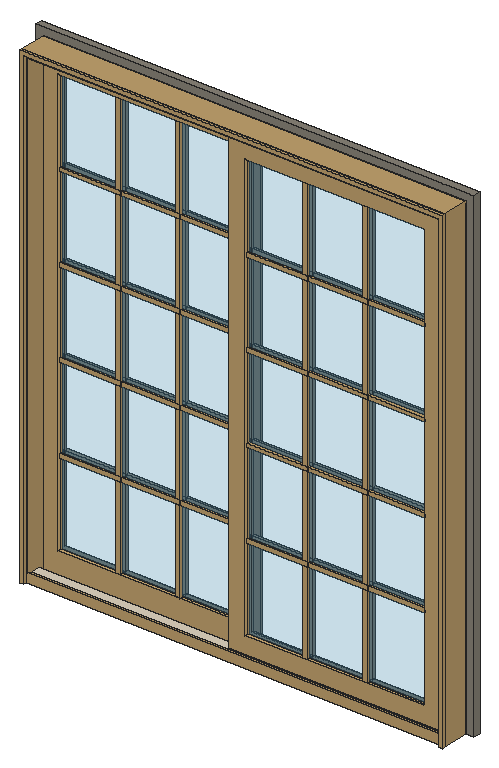
Revit family (continued)
Definition of nested family "Door_Section_Detail"
  Definition of nested family "Sill_Detail"
    Lines and regions (in)
      detail lines, style "Cut Lines", in view "Ref. Level"
        curve 47: line (-0.74809, 2.5192, 0) -> (-0.85309, 2.5192, 0)
        curve 48: line (-0.61209, 2.3842, 0) -> (-0.96909, 2.3842, 0)
        curve 49: line (-1.09375, 0.45188, 0) -> (1.47371, 0.72172, 0)
        curve 50: line (4.5625, 1.61602, 0) -> (2.43933, 1.61602, 0)
        curve 51: line (2.43933, 1.04253, 0) -> (2.43933, 1.61602, 0)
        curve 52: line (1.47371, 1.04253, 0) -> (2.43933, 1.04253, 0)
        curve 53: line (2.30162, 1.34621, 0) -> (2.30162, 1.81919, 0)
        curve 54: line (2.2196, 1.34621, 0) -> (2.30162, 1.34621, 0)
        curve 55: line (-0.82683, 0.63436, 0) -> (-0.82683, 0.47993, 0)
        curve 56: line (-0.58683, 0.63436, 0) -> (-0.58683, 0.50516, 0)
  Definition of nested family "Head_Detail"
    Parameters (values of type "Jamb_Detail")
      Flange Visibility = no
      Assembly Code = ""
    Reference planes (in)
      plane 1 "Center (Front/Back)": y = 0
      plane 2: z = 0
      plane 3 "Center (Left/Right)": x = 0
    Lines and regions (in)
      detail lines, style "Cut Lines", in view "Ref. Level"
        curve 1: line (-1.09375, 0, 0) -> (4.5625, 0, 0)
        curve 2: line (4.5625, 0, 0) -> (4.5625, -2.06854, 0)
        curve 3: line (-0.31923, -1.06374, 0) -> (4.03177, -1.06374, 0)
        curve 4: line (-1.09375, -0.67848, 0) -> (-1.15509, -0.67848, 0)
        curve 5: line (-1.09375, -0.67848, 0) -> (-1.09375, 0, 0)
        curve 11: line (-0.44909, -2.49827, 0) -> (-0.44909, -4.24811, 0)
        curve 12: line (-0.96909, -3.08011, 0) -> (-0.96909, -2.49827, 0)
        curve 13: line (-0.96909, -2.49827, 0) -> (-0.50105, -2.49827, 0)
        curve 14: line (-1.28109, -4.09217, 0) -> (-1.28109, -3.34011, 0)
        curve 15: line (-0.44909, -4.24811, 0) -> (-0.57209, -4.24811, 0)
        curve 16: line (-1.28109, -3.34011, 0) -> (-0.96909, -3.08011, 0)
        curve 17: line (-0.96909, -4.09217, 0) -> (-1.28109, -4.09217, 0)
        curve 18: line (-0.96909, -4.09217, 0) -> (-0.96909, -4.24811, 0)
        curve 19: line (-0.57209, -4.49311, 0) -> (-0.85309, -4.49311, 0)
        curve 20: line (-0.74809, -4.45311, 0) -> (-0.61209, -4.45311, 0)
        curve 21: line (-0.57209, -4.24811, 0) -> (-0.57209, -4.49311, 0)
        curve 22: line (-0.61209, -4.45311, 0) -> (-0.61209, -4.24811, 0)
        curve 23: line (-0.85309, -4.49311, 0) -> (-0.85309, -4.38311, 0)
        curve 24: line (-0.74809, -4.38311, 0) -> (-0.74809, -4.45311, 0)
        curve 25: line (-0.74809, -4.38311, 0) -> (-0.85309, -4.38311, 0)
        curve 26: line (-0.61209, -4.24811, 0) -> (-0.96909, -4.24811, 0)
        curve 27: line (3.9696, -1.18804, 0) -> (2.2196, -1.18804, 0)
        curve 28: line (3.9696, -3.99041, 0) -> (3.9696, -1.18804, 0)
        curve 29: line (2.2196, -1.18804, 0) -> (2.2196, -3.97946, 0)
        curve 30: line (3.62818, -4.1875, 0) -> (3.9696, -3.99041, 0)
        curve 31: line (3.48221, -4.1875, 0) -> (3.62818, -4.1875, 0)
        curve 32: line (2.2196, -3.97946, 0) -> (2.39187, -3.97946, 0)
        curve 33: line (2.6571, -4.1875, 0) -> (2.59991, -4.1875, 0)
        curve 34: line (2.6571, -3.46266, 0) -> (3.48221, -3.46266, 0)
        curve 35: line (2.6571, -4.1875, 0) -> (2.6571, -3.46266, 0)
        curve 36: line (3.48221, -3.46266, 0) -> (3.48221, -4.1875, 0)
        curve 37: line (2.39187, -3.97946, 0) -> (2.59991, -4.1875, 0)
        curve 38: line (2.70101, -3.52525, 0) -> (2.82601, -3.52525, 0)
        curve 39: line (3.32601, -3.65025, 0) -> (2.82601, -3.65025, 0)
        curve 40: line (3.32601, -3.90025, 0) -> (2.82601, -3.90025, 0)
        curve 41: line (3.32601, -3.52525, 0) -> (3.45101, -3.52525, 0)
        curve 42: line (1.47371, -1.18804, 0) -> (-0.27629, -1.18804, 0)
        curve 43: line (1.47371, -3.99041, 0) -> (1.47371, -1.06374, 0)
        curve 44: line (-0.27629, -1.18804, 0) -> (-0.27629, -3.97946, 0)
        curve 45: line (1.13229, -4.1875, 0) -> (1.47371, -3.99041, 0)
        curve 46: line (0.98632, -4.1875, 0) -> (1.13229, -4.1875, 0)
        curve 47: line (-0.27629, -3.97946, 0) -> (-0.10402, -3.97946, 0)
        curve 48: line (0.16121, -4.1875, 0) -> (0.10402, -4.1875, 0)
        curve 49: line (0.16121, -3.46266, 0) -> (0.98632, -3.46266, 0)
        curve 50: line (0.16121, -4.1875, 0) -> (0.16121, -3.46266, 0)
        curve 51: line (0.98632, -3.46266, 0) -> (0.98632, -4.1875, 0)
        curve 52: line (-0.10402, -3.97946, 0) -> (0.10402, -4.1875, 0)
        curve 53: line (0.20512, -3.52525, 0) -> (0.33012, -3.52525, 0)
        curve 54: line (0.83012, -3.65025, 0) -> (0.33012, -3.65025, 0)
        curve 55: line (0.83012, -3.90025, 0) -> (0.33012, -3.90025, 0)
        curve 56: line (0.83012, -3.52525, 0) -> (0.95512, -3.52525, 0)
        curve 57: line (4.03177, -1.06374, 0) -> (4.03177, -2.06854, 0)
        curve 58: line (4.03177, -2.06854, 0) -> (4.5625, -2.06854, 0)
        curve 59: line (2.18774, -1.75054, 0) -> (1.47371, -1.75054, 0)
        curve 60: line (-1.15509, -2.24927, 0) -> (-1.15509, -0.67848, 0)
        curve 61: line (-0.81009, -2.24927, 0) -> (-1.15509, -2.24927, 0)
        curve 62: line (-1.10509, -1.10227, 0) -> (-0.81009, -1.10227, 0)
        curve 63: line (-1.10509, -0.73627, 0) -> (-1.10509, -1.10227, 0)
        curve 64: line (-0.48993, -0.73627, 0) -> (-1.10509, -0.73627, 0)
        curve 65: line (-0.81009, -1.10227, 0) -> (-0.81009, -2.24927, 0)
        curve 66: line (-0.68009, -2.18816, 0) -> (-0.50105, -2.49827, 0)
        curve 67: line (-0.45739, -2.48388, 0) -> (-0.63509, -2.17611, 0)
        curve 68: line (-0.63509, -2.17611, 0) -> (-0.63509, -1.18527, 0)
        curve 69: line (-0.81009, -1.49777, 0) -> (-0.68009, -1.49777, 0)
        curve 70: line (-0.81009, -1.87277, 0) -> (-0.68009, -1.87277, 0)
        curve 71: line (-0.75509, -1.18527, 0) -> (-0.75509, -1.49777, 0)
        curve 72: line (-0.63509, -1.18527, 0) -> (-0.75509, -1.18527, 0)
        curve 73: line (-0.68009, -1.49777, 0) -> (-0.68009, -2.18816, 0)
        curve 74: line (-0.31923, -1.06374, 0) -> (-0.48993, -0.73627, 0)
        curve 75: line (2.18774, -1.06304, 0) -> (2.18774, -1.75054, 0)
      detail lines, style "Cut Lines", in view "Ref. Level", visible <- "Flange Visibility"
        curve 6: line (-0.045, 0, 0) -> (-0.045, 1.49897, 0)
        curve 7: line (0, 0.155, 0) -> (0, 1.49897, 0)
        curve 8: line (0, 0.155, 0) -> (0.11, 0.155, 0)
        curve 9: line (0.11, 0, 0) -> (0.11, 0.155, 0)
        curve 10: line (0, 1.49897, 0) -> (-0.045, 1.49897, 0)
  Definition of nested family "BMC_Detail"
    Parameters (values of type "BMC_Detail")
      Assembly Code = ""
    Reference planes (in)
      plane 1 "Center (Front/Back)": y = 0
      plane 2: z = 0
      plane 3 "Center (Left/Right)": x = 0
    Lines and regions (in)
      detail lines, style "Cut Lines", in view "Ref. Level"
        curve 1: line (-1.25, 0.71589, 0) -> (-1.25, 1.3125, 0)
        curve 2: line (-1.25, 1.3125, 0) -> (0, 1.3125, 0)
        curve 3: line (0, 0, 0) -> (-1.09375, 0, 0)
        curve 4: line (-1.09375, 0, 0) -> (-1.09375, 0.38081, 0)
        curve 5: line (-1.09375, 0.38081, 0) -> (-1.25, 0.71589, 0)
        curve 6: line (0, 0, 0) -> (0, 1.3125, 0)
  Definition of nested family "Flat_Casing_Detail"
    Parameters (values of type "Flat_Casing_Detail")
      Assembly Code = ""
    Reference planes (in)
      plane 1 "Center (Front/Back)": y = 0
      plane 2: z = 0
      plane 3 "Center (Left/Right)": x = 0
    Lines and regions (in)
      detail lines, style "Cut Lines", in view "Ref. Level"
        curve 1: line (-1.09375, 3, 0) -> (0, 3, 0)
        curve 2: line (0, 0, 0) -> (-1.09375, 0, 0)
        curve 3: line (-1.09375, 0, 0) -> (-1.09375, 3, 0)
        curve 4: line (0, 0, 0) -> (0, 3, 0)
Definition of nested family "Label Annotation 1-16 w5"
  Parameters
    Label = ""
    Egress Info = "EGRESS WDW"
    Description = "3664 FIXED"
  Reference planes (in)
    plane 1: y = 0
    plane 2: x = 0
  Text (in)
    label "Description" at (0.00375, -0.00345, 0), shows "Description"
Definition of nested family "Door_Plan_Detail"
  Parameters (values of type "Door_Plan_Detail")
    Width = 6' - 0 5/8"
    Flat Casing Visibility = no
    Casing Visibility = yes
    BMC Visibility = yes
    Assembly Code = ""
  Reference planes (in)
    plane 1 "Center (Front/Back)": y = 0
    plane 2: z = 0
    plane 3 "Center (Left/Right)": x = 0
    plane 4: x = -36.3125
    plane 5: x = 36.3125
  Lines and regions (in)
    detail lines, style "Cut Lines", in view "Ref. Level"
      curve 1: line (-33.09975, -0.20079, 0) -> (-1.35338, -0.20079, 0)
      curve 2: line (-33.09975, -0.32579, 0) -> (-1.35338, -0.32579, 0)
      curve 3: line (-33.09975, -0.82579, 0) -> (-1.35338, -0.82579, 0)
      curve 4: line (-33.09975, -0.95079, 0) -> (-1.35338, -0.95079, 0)
      curve 5: line (1.04088, -2.70101, 0) -> (32.78725, -2.70101, 0)
      curve 6: line (1.04088, -2.82601, 0) -> (32.78725, -2.82601, 0)
      curve 7: line (1.04088, -3.32601, 0) -> (32.78725, -3.32601, 0)
      curve 8: line (1.04088, -3.45101, 0) -> (32.78725, -3.45101, 0)
    detail lines, style "DetailComponentsHiddenLines", in view "Ref. Level"
      curve 9: line (0.56689, 0.8837, 0) -> (33.46029, 0.8837, 0)
  Dimensions and locks (in)
    equal spacing: plane 4, plane 3 "Center (Left/Right)", plane 5
    "Width": plane 4 to plane 5
    aligned and locked: plane 4 to nested 1
    aligned and locked: nested 1 to plane 1 "Center (Front/Back)"
    aligned and locked: nested 2 to plane 5
    aligned and locked: plane 1 "Center (Front/Back)" to nested 2
    aligned and locked: plane 3 "Center (Left/Right)" to nested 3
    aligned and locked: plane 1 "Center (Front/Back)" to nested 3
    aligned and locked: curve 1 to nested 1  (x2)
    aligned and locked: nested 1 to curve 2
    aligned and locked: curve 2 to nested 1
    aligned and locked: curve 3 to nested 1  (x2)
    aligned and locked: nested 1 to curve 4
    aligned and locked: curve 4 to nested 1
    aligned and locked: curve 1 to nested 3
    aligned and locked: nested 3 to curve 2
    aligned and locked: curve 3 to nested 3
    aligned and locked: nested 3 to curve 4
    aligned and locked: curve 5 to nested 3  (x2)
    aligned and locked: nested 3 to curve 6
    aligned and locked: curve 6 to nested 3
    aligned and locked: curve 7 to nested 3  (x2)
    aligned and locked: nested 3 to curve 8
    aligned and locked: curve 8 to nested 3
    aligned and locked: curve 5 to nested 2
    aligned and locked: nested 2 to curve 6
    aligned and locked: curve 7 to nested 2
    aligned and locked: nested 2 to curve 8
    aligned and locked: nested 3 to curve 9
    aligned and locked: curve 9 to nested 3
    aligned and locked: nested 2 to curve 9
    aligned and locked: plane 5 to nested 4
    aligned and locked: nested 2 to nested 4
    aligned and locked: nested 5 to plane 4
    aligned and locked: nested 5 to plane 1 "Center (Front/Back)"
    aligned and locked: plane 5 to nested 6
    aligned and locked: plane 1 "Center (Front/Back)" to nested 6
    aligned and locked: nested 7 to plane 1 "Center (Front/Back)"
    aligned and locked: nested 7 to plane 4
  Nested families (in)
    nested 1: "Jamb_Detail2" at (-36.3125, 0, 0), type "Jamb_Detail2", in view "Ref. Level"
    nested 2: "Jamb_Detail" at (36.3125, 0, 0), type "Jamb_Detail", in view "Ref. Level"
    nested 3: "Mtg_Stiles" at (-0.15625, 0, 0), type "Mtg_Stiles", in view "Ref. Level"
    nested 4: "BMC_Detail" at (36.3125, 0, 0) x (0, -1, 0) z (0, 0, 1), visible <- "BMC Visibility", type "BMC_Detail", in view "Ref. Level"
    nested 5: "BMC_Detail" at (-36.3125, 0, 0) x (0, -1, 0) z (0, 0, 1), visible <- "BMC Visibility", type "BMC_Detail", in view "Ref. Level"
    nested 6: "Flat_Casing_Detail" at (36.3125, 0, 0) x (0, -1, 0) z (0, 0, 1), visible <- "Flat Casing Visibility", type "Flat_Casing_Detail", in view "Ref. Level"
    nested 7: "Flat_Casing_Detail" at (-36.3125, 0, 0) x (0, -1, 0) z (0, 0, 1), visible <- "Flat Casing Visibility", type "Flat_Casing_Detail", in view "Ref. Level"
  Definition of nested family "Jamb_Detail2"
    Parameters (values of type "Jamb_Detail2")
      Flange Visibility = not(Casing Visibility)  # no
      Casing Visibility = yes
      Assembly Code = ""
    Reference planes (in)
      plane 1 "Center (Front/Back)": y = 0
      plane 2: z = 0
      plane 3 "Center (Left/Right)": x = 0
    Lines and regions (in)
      detail lines, style "Cut Lines", in view "Ref. Level"
        curve 1: line (0, 1.09375, 0) -> (0, -4.5625, 0)
        curve 7: line (0.67848, 0.3871, 0) -> (0.67848, 1.09375, 0)
        curve 8: line (0.93767, 0.3871, 0) -> (0.67848, 0.3871, 0)
        curve 9: line (0.93767, 0.28062, 0) -> (0.93767, 0.3871, 0)
        curve 10: line (0.67848, 1.09375, 0) -> (0, 1.09375, 0)
        curve 11: line (0.891, -1.46938, 0) -> (0.891, 0.28062, 0)
        curve 12: line (3.67791, -1.46938, 0) -> (0.891, -1.46938, 0)
        curve 13: line (0.891, 0.28062, 0) -> (3.66696, 0.28062, 0)
        curve 14: line (3.875, -1.12796, 0) -> (3.67791, -1.46938, 0)
        curve 15: line (3.875, -0.98199, 0) -> (3.875, -1.12796, 0)
        curve 16: line (3.66696, 0.28062, 0) -> (3.66696, 0.10835, 0)
        curve 17: line (3.875, -0.15688, 0) -> (3.875, -0.09969, 0)
        curve 18: line (3.15016, -0.15688, 0) -> (3.15016, -0.98199, 0)
        curve 19: line (3.875, -0.15688, 0) -> (3.15016, -0.15688, 0)
        curve 20: line (3.15016, -0.98199, 0) -> (3.875, -0.98199, 0)
        curve 21: line (3.66696, 0.10835, 0) -> (3.875, -0.09969, 0)
        curve 22: line (3.21275, -0.20079, 0) -> (3.21275, -0.32579, 0)
        curve 23: line (3.33775, -0.82579, 0) -> (3.33775, -0.32579, 0)
        curve 24: line (3.58775, -0.82579, 0) -> (3.58775, -0.32579, 0)
        curve 25: line (3.21275, -0.82579, 0) -> (3.21275, -0.95079, 0)
        curve 26: line (1.531, -2.82099, 0) -> (1.531, -1.46938, 0)
        curve 27: line (1.0625, -4.5625, 0) -> (1.0625, -2.82099, 0)
        curve 28: line (1.0625, -2.82099, 0) -> (1.531, -2.82099, 0)
        curve 29: line (0, -4.5625, 0) -> (1.0625, -4.5625, 0)
      detail lines, style "Cut Lines", in view "Ref. Level", visible <- "Flange Visibility"
        curve 2: line (0, 0.045, 0) -> (-1.49897, 0.045, 0)
        curve 3: line (-0.155, 0, 0) -> (-1.49897, 0, 0)
        curve 4: line (-0.155, 0, 0) -> (-0.155, -0.11, 0)
        curve 5: line (0, -0.11, 0) -> (-0.155, -0.11, 0)
        curve 6: line (-1.49897, 0, 0) -> (-1.49897, 0.045, 0)
  Definition of nested family "Jamb_Detail"
    Parameters (values of type "Jamb_Detail")
      Flange Visibility = not(Casing Visibility)  # no
      Casing Visibility = yes
      Assembly Code = ""
    Reference planes (in)
      plane 1 "Center (Front/Back)": y = 0
      plane 2: z = 0
      plane 3 "Center (Left/Right)": x = 0
    Lines and regions (in)
      detail lines, style "Cut Lines", in view "Ref. Level"
        curve 1: line (0, 1.09375, 0) -> (0, -4.5625, 0)
        curve 2: line (0, -4.5625, 0) -> (-1.7185, -4.5625, 0)
        curve 3: line (-1.06374, -2.21499, 0) -> (-1.06374, -4.002, 0)
        curve 4: line (-0.67848, 0.3871, 0) -> (-0.67848, 1.09375, 0)
        curve 5: line (-0.93767, 0.3871, 0) -> (-0.67848, 0.3871, 0)
        curve 6: line (-0.93767, 0.28062, 0) -> (-0.93767, 0.3871, 0)
        curve 7: line (-0.67848, 1.09375, 0) -> (0, 1.09375, 0)
        curve 8: arc (-1.76695, -2.10361, 0) -> (-1.62579, -0.91313, 0) -> (-1.51551, 0.28062, 0) r 46.27589
        curve 9: line (-0.93767, 0.28062, 0) -> (-1.51551, 0.28062, 0)
        curve 15: line (-1.7185, -4.5625, 0) -> (-1.7185, -4.17856, 0)
        curve 16: line (-1.7185, -4.17856, 0) -> (-1.2815, -4.002, 0)
        curve 17: line (-1.2815, -4.002, 0) -> (-1.06374, -4.002, 0)
        curve 18: line (-0.85737, 0.4797, 0) -> (-2.60721, 0.4797, 0)
        curve 19: line (-1.43921, 0.9997, 0) -> (-0.85737, 0.9997, 0)
        curve 20: line (-0.85737, 0.9997, 0) -> (-0.85737, 0.4797, 0)
        curve 21: line (-2.45127, 1.3117, 0) -> (-1.69921, 1.3117, 0)
        curve 22: line (-2.60721, 0.4797, 0) -> (-2.60721, 0.6027, 0)
        curve 23: line (-1.69921, 1.3117, 0) -> (-1.43921, 0.9997, 0)
        curve 24: line (-2.45127, 0.9997, 0) -> (-2.45127, 1.3117, 0)
        curve 25: line (-2.45127, 0.9997, 0) -> (-2.60721, 0.9997, 0)
        curve 26: line (-2.85221, 0.6027, 0) -> (-2.85221, 0.8837, 0)
        curve 27: line (-2.81221, 0.7787, 0) -> (-2.81221, 0.6427, 0)
        curve 28: line (-2.60721, 0.6027, 0) -> (-2.85221, 0.6027, 0)
        curve 29: line (-2.81221, 0.6427, 0) -> (-2.60721, 0.6427, 0)
        curve 30: line (-2.85221, 0.8837, 0) -> (-2.74221, 0.8837, 0)
        curve 31: line (-2.74221, 0.7787, 0) -> (-2.81221, 0.7787, 0)
        curve 32: line (-2.74221, 0.7787, 0) -> (-2.74221, 0.8837, 0)
        curve 33: line (-2.60721, 0.6427, 0) -> (-2.60721, 0.9997, 0)
        curve 34: line (-1.18804, -3.9696, 0) -> (-1.18804, -2.2196, 0)
        curve 35: line (-3.99041, -3.9696, 0) -> (-1.18804, -3.9696, 0)
        curve 36: line (-1.18804, -2.2196, 0) -> (-3.97946, -2.2196, 0)
        curve 37: line (-4.1875, -3.62818, 0) -> (-3.99041, -3.9696, 0)
        curve 38: line (-4.1875, -3.48221, 0) -> (-4.1875, -3.62818, 0)
        curve 39: line (-3.97946, -2.2196, 0) -> (-3.97946, -2.39187, 0)
        curve 40: line (-4.1875, -2.6571, 0) -> (-4.1875, -2.59991, 0)
        curve 41: line (-3.46266, -2.6571, 0) -> (-3.46266, -3.48221, 0)
        curve 42: line (-4.1875, -2.6571, 0) -> (-3.46266, -2.6571, 0)
        curve 43: line (-3.46266, -3.48221, 0) -> (-4.1875, -3.48221, 0)
        curve 44: line (-3.97946, -2.39187, 0) -> (-4.1875, -2.59991, 0)
        curve 45: line (-3.52525, -2.70101, 0) -> (-3.52525, -2.82601, 0)
        curve 46: line (-3.65025, -3.32601, 0) -> (-3.65025, -2.82601, 0)
        curve 47: line (-3.90025, -3.32601, 0) -> (-3.90025, -2.82601, 0)
        curve 48: line (-3.52525, -3.32601, 0) -> (-3.52525, -3.45101, 0)
        curve 49: line (-1.76695, -2.10361, 0) -> (-1.06374, -2.21499, 0)
      detail lines, style "Cut Lines", in view "Ref. Level", visible <- "Flange Visibility"
        curve 10: line (0, 0.045, 0) -> (1.49897, 0.045, 0)
        curve 11: line (0.155, 0, 0) -> (1.49897, 0, 0)
        curve 12: line (0.155, 0, 0) -> (0.155, -0.11, 0)
        curve 13: line (0, -0.11, 0) -> (0.155, -0.11, 0)
        curve 14: line (1.49897, 0, 0) -> (1.49897, 0.045, 0)
  Definition of nested family "Mtg_Stiles"
    Parameters (values of type "Mtg_Stiles")
      Assembly Code = ""
    Reference planes (in)
      plane 1 "Center (Front/Back)": y = 0
      plane 2: z = 0
      plane 3 "Center (Left/Right)": x = 0.15625
    Lines and regions (in)
      detail lines, style "Cut Lines", in view "Ref. Level"
        curve 1: line (1.10937, -1.46938, 0) -> (1.10937, 0.28062, 0)
        curve 2: line (-1.66228, -1.46938, 0) -> (1.10938, -1.46938, 0)
        curve 3: line (1.10937, 0.28062, 0) -> (-1.65133, 0.28062, 0)
        curve 4: line (-1.85938, -1.12796, 0) -> (-1.66228, -1.46938, 0)
        curve 5: line (-1.85938, -0.98199, 0) -> (-1.85938, -1.12796, 0)
        curve 6: line (-1.65133, 0.28062, 0) -> (-1.65133, 0.10835, 0)
        curve 7: line (-1.85937, -0.15688, 0) -> (-1.85937, -0.09969, 0)
        curve 8: line (-1.13454, -0.15688, 0) -> (-1.13454, -0.98199, 0)
        curve 9: line (-1.85937, -0.15688, 0) -> (-1.13454, -0.15688, 0)
        curve 10: line (-1.13454, -0.98199, 0) -> (-1.85938, -0.98199, 0)
        curve 11: line (-1.65133, 0.10835, 0) -> (-1.85937, -0.09969, 0)
        curve 12: line (-1.19713, -0.20079, 0) -> (-1.19713, -0.32579, 0)
        curve 13: line (-1.32213, -0.82579, 0) -> (-1.32213, -0.32579, 0)
        curve 14: line (-1.57213, -0.82579, 0) -> (-1.57213, -0.32579, 0)
        curve 15: line (-1.19713, -0.82579, 0) -> (-1.19713, -0.95079, 0)
        curve 16: line (-1.10938, -3.9696, 0) -> (-1.10937, -2.2196, 0)
        curve 17: line (1.66228, -3.9696, 0) -> (-1.10938, -3.9696, 0)
        curve 18: line (-1.10937, -2.2196, 0) -> (1.65133, -2.2196, 0)
        curve 19: line (1.85938, -3.62818, 0) -> (1.66228, -3.9696, 0)
        curve 20: line (1.85938, -3.48221, 0) -> (1.85938, -3.62818, 0)
        curve 21: line (1.65133, -2.2196, 0) -> (1.65133, -2.39187, 0)
        curve 22: line (1.85937, -2.6571, 0) -> (1.85937, -2.59991, 0)
        curve 23: line (1.13454, -2.6571, 0) -> (1.13454, -3.48221, 0)
        curve 24: line (1.85937, -2.6571, 0) -> (1.13454, -2.6571, 0)
        curve 25: line (1.13454, -3.48221, 0) -> (1.85938, -3.48221, 0)
        curve 26: line (1.65133, -2.39187, 0) -> (1.85937, -2.59991, 0)
        curve 27: line (1.19713, -2.70101, 0) -> (1.19713, -2.82601, 0)
        curve 28: line (1.32213, -3.32601, 0) -> (1.32213, -2.82601, 0)
        curve 29: line (1.57213, -3.32601, 0) -> (1.57213, -2.82601, 0)
        curve 30: line (1.19713, -3.32601, 0) -> (1.19713, -3.45101, 0)
        curve 31: line (-1.2717, 0.4797, 0) -> (0.47814, 0.4797, 0)
        curve 32: line (-0.68986, 0.9997, 0) -> (-1.2717, 0.9997, 0)
        curve 33: line (-1.2717, 0.9997, 0) -> (-1.2717, 0.4797, 0)
        curve 34: line (0.3222, 1.3117, 0) -> (-0.42986, 1.3117, 0)
        curve 35: line (0.47814, 0.4797, 0) -> (0.47814, 0.6027, 0)
        curve 36: line (-0.42986, 1.3117, 0) -> (-0.68986, 0.9997, 0)
        curve 37: line (0.3222, 0.9997, 0) -> (0.3222, 1.3117, 0)
        curve 38: line (0.3222, 0.9997, 0) -> (0.47814, 0.9997, 0)
        curve 39: line (0.72314, 0.6027, 0) -> (0.72314, 0.8837, 0)
        curve 40: line (0.68314, 0.7787, 0) -> (0.68314, 0.6427, 0)
        curve 41: line (0.47814, 0.6027, 0) -> (0.72314, 0.6027, 0)
        curve 42: line (0.68314, 0.6427, 0) -> (0.47814, 0.6427, 0)
        curve 43: line (0.72314, 0.8837, 0) -> (0.61314, 0.8837, 0)
        curve 44: line (0.61314, 0.7787, 0) -> (0.68314, 0.7787, 0)
        curve 45: line (0.61314, 0.7787, 0) -> (0.61314, 0.8837, 0)
        curve 46: line (0.47814, 0.6427, 0) -> (0.47814, 0.9997, 0)
        curve 47: line (-0.96875, -1.69597, 0) -> (-0.96875, -2.2196, 0)
        curve 48: line (-0.96875, -1.69597, 0) -> (0.17933, -1.69597, 0)
        curve 49: line (-0.40967, -1.82097, 0) -> (-0.40967, -2.2196, 0)
        curve 50: line (-0.40967, -1.82097, 0) -> (0.30162, -1.82097, 0)
        curve 51: line (0.30162, -1.82097, 0) -> (0.30162, -1.46938, 0)
        curve 52: line (1.03125, -1.95537, 0) -> (1.03125, -1.46938, 0)
        curve 53: line (1.03125, -1.95537, 0) -> (-0.28738, -1.95537, 0)
        curve 54: line (-0.28738, -1.95537, 0) -> (-0.28738, -1.82097, 0)
        curve 55: line (0.17933, -1.69597, 0) -> (0.17933, -1.82097, 0)
  Definition of nested family "BMC_Detail"
    Parameters (values of type "BMC_Detail")
      Assembly Code = ""
    Reference planes (in)
      plane 1 "Center (Front/Back)": y = 0
      plane 2: z = 0
      plane 3 "Center (Left/Right)": x = 0
    Lines and regions (in)
      detail lines, style "Cut Lines", in view "Ref. Level"
        curve 1: line (-1.25, 0.71589, 0) -> (-1.25, 1.3125, 0)
        curve 2: line (-1.25, 1.3125, 0) -> (0, 1.3125, 0)
        curve 3: line (0, 0, 0) -> (-1.09375, 0, 0)
        curve 4: line (-1.09375, 0, 0) -> (-1.09375, 0.38081, 0)
        curve 5: line (-1.09375, 0.38081, 0) -> (-1.25, 0.71589, 0)
        curve 6: line (0, 0, 0) -> (0, 1.3125, 0)
  Definition of nested family "Flat_Casing_Detail"
    Parameters (values of type "Flat_Casing_Detail")
      Assembly Code = ""
    Reference planes (in)
      plane 1 "Center (Front/Back)": y = 0
      plane 2: z = 0
      plane 3 "Center (Left/Right)": x = 0
    Lines and regions (in)
      detail lines, style "Cut Lines", in view "Ref. Level"
        curve 1: line (-1.09375, 3, 0) -> (0, 3, 0)
        curve 2: line (0, 0, 0) -> (-1.09375, 0, 0)
        curve 3: line (-1.09375, 0, 0) -> (-1.09375, 3, 0)
        curve 4: line (0, 0, 0) -> (0, 3, 0)
Definition of nested family "Sliding Arrow"
  Reference planes (in)
    plane 1 "Center (Front/Back)": y = 0
    plane 2: z = 0
    plane 3 "Center (Left/Right)": x = 0
  Lines and regions (in)
    detail lines, in view "Ref. Level"
      curve 1: line (0, 1.5, 0) -> (0, -1.5, 0)
      curve 2: line (0, 1.5, 0) -> (2.59808, 0, 0)
      curve 3: line (2.59808, 0, 0) -> (0, -1.5, 0)
